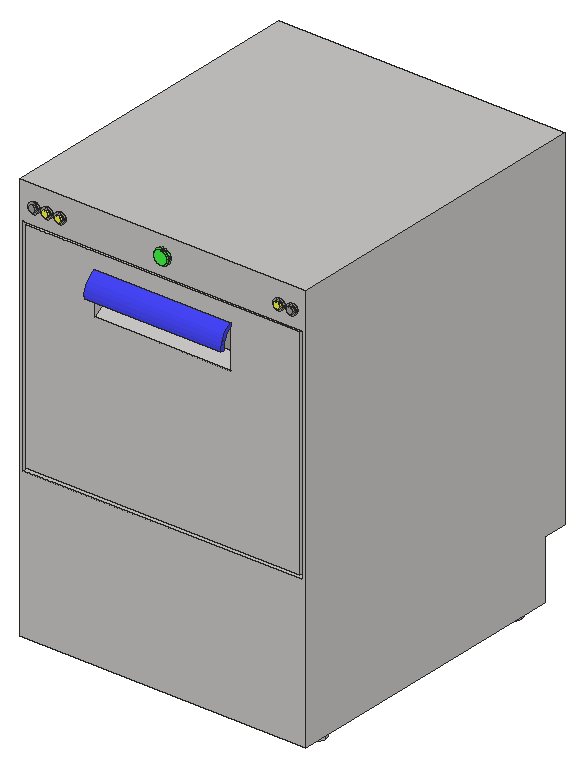
Revit family "QF_ELECTROLUXPROFESSIONAL_402272_EXS", category Specialty Equipment, Revit 2018
Family settings
  Round Connector Dimension = Use Diameter
  Part Type = Normal
  Work Plane-Based = No
  Always vertical = Yes
  Cut with Voids When Loaded = No
  Shared = No
  Room Calculation Point = No
Parameters
  Weight = 33.50 kg
  Watts = 0 W
  Volts = 0 V
  URL Manufacturer = ""
  URL = "http://professional.electrolux.com/"
  Steam Supply Size = 0 mm
  Steam Supply Minimum Pressure = 0.0 Pa
  Steam Supply Maximum Pressure = 0.0 Pa
  Steam Pounds per Hour = 0
  Show Logo [instance] = yes
  Show Clearance [instance] = yes
  Refrigeration Suction Line Size = 0 mm
  Refrigeration Liquid Line Size = 0 mm
  Refrigerant Compressor Remote = yes
  Manufacturer = ""
  Phase = 0
  Model = ""
  Length Actual = 440 mm  # constant formula
  Item Number = ""
  Hot Water Size = 0 mm
  Height Actual = 640 mm  # constant formula
  HP = "3.9 HP"
  Gas Size = 0 mm
  Gas KW = 0
  Gas Input Pressure = 0 W
  Direct Waste Size = 29 mm
  Description = ""
  Depth Actual = 497 mm  # constant formula
  Cycle = 0 Hz
  Condensate Return Size = 0 mm
  Compressed Air Volume = 0.0 L/s
  Compressed Air Size = 0 mm
  Compressed Air Pressure = 0.0 Pa
  Cold Water Size = 0 mm
  Accessory = yes
Types (2, lengths in mm): name | Volts | URL Manufacturer | URL | Manufacturer | Phase | Model | Item Number | Description | Cycle | Cold Water Size
  (no name) | 0 V | "" | "http://professional.electrolux.com/" | "" | 0 | "" | "" | "" | 0 Hz | 0
  Standard | 220 V | "http://professional.electrolux.com" | "http://professional.electrolux.com" | "Electrolux Professional" | 1 | "EXS" | "402272" | "GLASSWASHER(XS), SINGLE SKIN, 30B/H" | 50 Hz | 19.05
Reference planes
  plane 1 "Center (Front/Back)": y = 0
  plane 2: z = 0
  plane 3 "Center (Left/Right)": x = 0
  plane 4 "LEFT": x = -220
  plane 5 "RIGHT": x = 220
  plane 6 "FRONT": y = -248.5
  plane 7 "BACK": y = 248.5
  plane 8: z = 640
  plane 9: z = 10
  plane 10: y = 209.5
Forms (mm)
  Extrusion 1, solid, material "QF_Finishes_Stainless Steel"
    sketch origin (0, 0, 0) x (1, 0, 0) y (0, 1, 0)
      loop
        line (-220, -248.5) -> (220, -248.5) -> (220, 209.5) -> (-220, 209.5) -> (-220, -248.5)
    from 10 to 640
  Extrusion 2, solid, material "QF_Finishes_Stainless Steel"
    sketch origin (0, 0, 0) x (1, 0, 0) y (0, 1, 0)
      loop
        line (-220, 209.5) -> (220, 209.5) -> (220, 248.5) -> (-220, 248.5) -> (-220, 209.5)
    from 100 to 640
  Extrusion 3, solid, material "QF_Finishes_Stainless Steel"
    sketch origin (0, 0, 0) x (1, 0, 0) y (0, 1, 0)
      loop
        circle (-200.5, 174.5) r 12.5
      loop
        circle (200.5, 174.5) r 12.5
      loop
        circle (-200.5, -201.5) r 12.5
      loop
        circle (200.5, -201.5) r 12.5
    from 0 to 10
  Extrusion 4, void
    sketch origin (-220, -248.5, 0) x (-1, 0, 0) y (0, 0, 1)
      loop
        line (-5, 583.217) -> (-435, 583.217) -> (-435, 240) -> (-5, 240) -> (-5, 583.217)
    from 0 to 30
  Extrusion 5, solid, material "QF_Finishes_Stainless Steel"
    sketch origin (-155, -431, 752) x (0, 0, -1) y (1, 0, 0)
      loop
        circle (693, 223) r 10
    from -640.5 to -679.5
  Extrusion 6, solid, material "QF_Door-Drawer Clearances", visible <- "Show Clearance", detail levels coarse
    sketch origin (-230, -282.5, 0) x (0, 1, 0) y (0, 0, -1)
      loop
        line (34, -245) -> (-259, -245)
        arc (-259, -245) -> (-178.223, -469.983) -> (34, -580) r 327.223
        line (34, -580) -> (34, -245)
    from -20 to -440
  Extrusion 7, solid, material "QF_Finishes_Stainless Steel"
    sketch origin (-434.481, -431, 722) x (0, 0, -1) y (1, 0, 0)
      loop
        circle (663, 332.481) r 8
    from -640.5 to -679.5
  Extrusion 8, solid, material "QF_Finishes_Stainless Steel"
    sketch origin (-230, -282.5, 0) x (0, 1, 0) y (0, 0, -1)
      loop
        line (34, -245) -> (34, -580) -> (59, -580) -> (59, -245) -> (34, -245)
    from -19.799 to -440
  Extrusion 9, solid, material "QF_Finishes_Stainless Steel"
    sketch origin (-275, -431, 682.5) x (0, 0, -1) y (1, 0, 0)
      loop
        circle (663, 238) r 8
    from -640.5 to -679.5
  Extrusion 10, solid, material "QF_Finishes_Green"
    sketch origin (-230, -248.5, 0) x (1, 0, 0) y (0, 0, 1)
      loop
        circle (230, 610.819) r 12
      loop
        circle (230, 610.819) r 10
    from 0 to 2.5
  Extrusion 11, void
    sketch origin (-225.452, 209.5, 42.5) x (0, 1, 0) y (0, 0, 1)
      loop
        line (-458, 508.217) -> (-458, 447.5) -> (-436.349, 460) -> (-458, 508.217)
    from 120.452 to 330.452
  Extrusion 12, solid, material "QF_Finishes_Blue"
    sketch origin (-220, 209.5, 0) x (0, -1, 0) y (0, 0, 1)
      loop
        line (458, 555.863) -> (458, 550.513)
        arc (458, 550.513) -> (469.966, 539.801) -> (472.861, 524.005) r 24.803
        line (472.861, 524.005) -> (477.907, 524.005)
        arc (477.907, 524.005) -> (473.605, 543.465) -> (458, 555.863) r 29.803
    from -325 to -115
  Extrusion 13, solid, material "QF_Finishes_Green"
    sketch origin (234, -248.5, -28.75) x (-1, 0, 0) y (0, 0, -1)
      loop
        circle (234, -639.569) r 10
    from 0 to 5
  Extrusion 14, solid, material "QF_Finishes_Gray"
    sketch origin (109.577, -248.5, -30.575) x (-1, 0, 0) y (0, 0, -1)
      loop
        circle (306.936, -638.972) r 5
    from 0 to 5
  Extrusion 15, solid, material "QF_Finishes_Gray"
    sketch origin (-63.82, -248.5, -35.2) x (1, 0, 0) y (0, 0, 1)
      loop
        circle (262.936, 643.347) r 8
      loop
        circle (262.936, 643.347) r 5
      loop
        circle (242.936, 643.347) r 8
      loop
        circle (242.936, 643.347) r 5
    from 0 to 2.5
  Extrusion 16, solid, material "QF_Finishes_Gray"
    sketch origin (-87.82, -248.5, -30.825) x (1, 0, 0) y (0, 0, 1)
      loop
        circle (286.936, 638.972) r 5
    from 0 to 5
  Extrusion 17, solid, material "QF_Finishes_Gray"
    sketch origin (85.577, -248.5, -34.95) x (-1, 0, 0) y (0, 0, -1)
      loop
        circle (262.936, -643.347) r 8
      loop
        circle (262.936, -643.347) r 5
      loop
        circle (242.936, -643.347) r 8
      loop
        circle (242.936, -643.347) r 5
      loop
        circle (282.936, -643.347) r 8
      loop
        circle (282.936, -643.347) r 5
    from 0 to 2.5
  Extrusion 18, solid, material "QF_Finishes_Yellow"
    sketch origin (129.577, -248.5, -30.575) x (-1, 0, 0) y (0, 0, -1)
      loop
        circle (306.936, -638.972) r 5
    from 0 to 5
  Extrusion 19, solid, material "QF_Finishes_Yellow"
    sketch origin (149.577, -248.5, -30.575) x (-1, 0, 0) y (0, 0, -1)
      loop
        circle (306.936, -638.972) r 5
    from 0 to 5
  Extrusion 20, solid, material "QF_Finishes_Yellow"
    sketch origin (486.051, -248.5, -30.825) x (-1, 0, 0) y (0, 0, -1)
      loop
        circle (306.936, -638.972) r 5
    from 0 to 5
Cuts and joins
  Extrusion 4 cuts Extrusion 1
  joined: Extrusion 1, Extrusion 2
  Extrusion 11 cuts Extrusion 8
Lines and regions (mm)
  Split face 1
    outline origin (-220, -248.5, 640) x (0, 0, -1) y (1, 0, 0)
      loop
        line (56.783, 5) -> (56.783, 0)
      loop
        line (56.783, 435) -> (56.783, 440)
      loop
        line (22.034, 440) -> (22.034, 369.297)
        arc (22.034, 369.297) -> (22.64, 366.25) -> (24.366, 363.667) r 7.962
        line (24.366, 363.667) -> (44.289, 343.744)
        arc (44.289, 343.744) -> (46.135, 340.982) -> (46.783, 337.723) r 8.515
        line (46.783, 337.723) -> (46.783, 239.844)
        arc (46.783, 239.844) -> (46.096, 238.186) -> (44.439, 237.5) r 2.344
        line (44.439, 237.5) -> (15.017, 237.5)
        arc (15.017, 237.5) -> (12.73, 236.553) -> (11.783, 234.266) r 3.234
        line (11.783, 234.266) -> (11.783, 220) -> (11.783, 205.734)
        arc (11.783, 205.734) -> (12.73, 203.447) -> (15.017, 202.5) r 3.234
        line (15.017, 202.5) -> (44.439, 202.5)
        arc (44.439, 202.5) -> (46.096, 201.814) -> (46.783, 200.156) r 2.344
        line (46.783, 200.156) -> (46.783, 102.277)
        arc (46.783, 102.277) -> (46.135, 99.018) -> (44.289, 96.256) r 8.515
        line (44.289, 96.256) -> (24.366, 76.333)
        arc (24.366, 76.333) -> (22.64, 73.75) -> (22.034, 70.703) r 7.962
        line (22.034, 70.703) -> (22.034, 0)
  symbolic lines
    curve 1: line (-220, 248.5, 0) -> (220, 248.5, 0)
    curve 2: line (-220, -248.5, 0) -> (-220, 248.5, 0)
    curve 3: line (220, -248.5, 0) -> (-220, -248.5, 0)
    curve 4: line (220, 248.5, 0) -> (220, -248.5, 0)
    curve 8: line (-12, -251, 0) -> (12, -251, 0)
    curve 9: line (12, -251, 0) -> (12, -248.5, 0)
    curve 10: line (-12, -251, 0) -> (-12, -248.5, 0)
    curve 11: line (-10, -253.5, 0) -> (10, -253.5, 0)
    curve 12: line (10, -253.5, 0) -> (10, -251, 0)
    curve 13: line (-10, -253.5, 0) -> (-10, -251, 0)
    curve 16: line (-205.359, -251, 0) -> (-205.359, -248.5, 0)
    curve 17: line (-189.368, -251, 0) -> (-189.368, -248.5, 0)
    curve 18: line (-202.346, -253.5, 0) -> (-192.355, -253.5, 0)
    curve 19: line (-192.355, -253.5, 0) -> (-192.355, -251, 0)
    curve 20: line (-202.346, -253.5, 0) -> (-202.346, -251, 0)
    curve 21: line (-185.355, -251, 0) -> (-169.355, -251, 0)
    curve 22: line (-169.355, -251, 0) -> (-169.355, -248.5, 0)
    curve 23: line (-185.355, -251, 0) -> (-185.355, -248.5, 0)
    curve 24: line (-182.355, -253.5, 0) -> (-172.355, -253.5, 0)
    curve 25: line (-172.355, -253.5, 0) -> (-172.355, -251, 0)
    curve 26: line (-182.355, -253.5, 0) -> (-182.355, -251, 0)
    curve 27: line (-165.355, -251, 0) -> (-149.355, -251, 0)
    curve 28: line (-149.355, -251, 0) -> (-149.355, -248.5, 0)
    curve 29: line (-165.355, -251, 0) -> (-165.355, -248.5, 0)
    curve 30: line (-162.355, -253.5, 0) -> (-152.355, -253.5, 0)
    curve 31: line (-152.355, -253.5, 0) -> (-152.355, -251, 0)
    curve 32: line (-162.355, -253.5, 0) -> (-162.355, -251, 0)
    curve 33: line (171.115, -251, 0) -> (187.115, -251, 0)
    curve 34: line (187.115, -251, 0) -> (187.115, -248.5, 0)
    curve 35: line (174.115, -253.5, 0) -> (184.115, -253.5, 0)
    curve 36: line (184.115, -253.5, 0) -> (184.115, -251, 0)
    curve 37: line (174.115, -253.5, 0) -> (174.115, -251, 0)
    curve 38: line (171.115, -251, 0) -> (171.115, -248.5, 0)
    curve 39: line (191.115, -251, 0) -> (207.115, -251, 0)
    curve 40: line (207.115, -251, 0) -> (207.115, -248.5, 0)
    curve 41: line (194.115, -253.5, 0) -> (204.115, -253.5, 0)
    curve 42: line (204.115, -253.5, 0) -> (204.115, -251, 0)
    curve 43: line (194.115, -253.5, 0) -> (194.115, -251, 0)
    curve 44: line (191.115, -251, 0) -> (191.115, -248.5, 0)
    curve 45: line (-105, -248.5, 0) -> (-105, -268.634, 0)
    curve 46: line (105, -248.5, 0) -> (105, -268.634, 0)
    curve 47: line (105, -268.634, 0) -> (-105, -268.634, 0)
  symbolic lines, style "QF_Door-Drawer Clearances"
    curve 5: line (-210, -541.5, 0) -> (210, -541.5, 0)
    curve 6: line (210, -541.5, 0) -> (210, -248.5, 0)
    curve 7: line (-210, -541.5, 0) -> (-210, -248.5, 0)
  symbolic lines, style "SpecialityEquipmentHiddenLines"
    curve 14: line (-220, 209.5, 0) -> (220, 209.5, 0)
  symbolic lines, style "SpecialityEquipment"
    curve 15: line (-205.359, -251, 0) -> (-189.368, -251, 0)
Dimensions and locks
  equal spacing: plane 4 "LEFT", plane 3 "Center (Left/Right)", plane 5 "RIGHT"
  equal spacing: plane 7 "BACK", plane 1 "Center (Front/Back)", plane 6 "FRONT"
  plane 7 "BACK" to plane 6 "FRONT" = 497 mm
  plane 4 "LEFT" to plane 5 "RIGHT" = 440 mm
  locked: plane 9 to level at 10
  plane 4 "LEFT" to plane 3 "Center (Left/Right)" = 220 mm
  plane 8 to level = 640 mm  (x2)
  level to Extrusion 9 sketch curve = 19.5 mm
  Extrusion 9 sketch curve to plane 4 "LEFT" = 183 mm
  level to Extrusion 5 sketch curve = 59 mm
  Extrusion 5 sketch curve to plane 4 "LEFT" = 288 mm
  Extrusion 7 sketch curve to plane 4 "LEFT" = 118 mm
  level to Extrusion 7 sketch curve = 59 mm
  Extrusion 3 to cut or joined group of Extrusion 1, Extrusion 2, Extrusion 4 = 74 mm
  Extrusion 3 to Extrusion 3 = 376 mm
  plane 6 "FRONT" to Extrusion 3 = 47 mm
  plane 1 "Center (Front/Back)" to plane 6 "FRONT" = 248.5 mm
  locked: plane 7 "BACK" to plane 10 at 39
  plane 6 "FRONT" to curve 5 = 293 mm
  Extrusion 8 to cut or joined group of Extrusion 1, Extrusion 2, Extrusion 4 = 340 mm
  aligned and locked: level to plane 2
  aligned and locked: Extrusion 1 sketch curve to plane 6 "FRONT"
  aligned and locked: Extrusion 1 sketch curve to plane 4 "LEFT"
  aligned and locked: plane 5 "RIGHT" to Extrusion 1 sketch curve
  aligned and locked: Extrusion 1 to plane 9
  aligned and locked: Extrusion 2 sketch curve to Extrusion 1
  aligned and locked: plane 7 "BACK" to Extrusion 2 sketch curve
  aligned and locked: plane 5 "RIGHT" to Extrusion 2 sketch curve
  aligned and locked: plane 9 to Extrusion 3
  aligned and locked: cut or joined group of Extrusion 1, Extrusion 2, Extrusion 4 to plane 10
Automatic sketch dimensions
  Extrusion 11 sketch curve to plane 6 "FRONT" = 0 mm
  plane 6 "FRONT" to Extrusion 11 sketch curve = 21.651 mm
  Extrusion 11 sketch curve to plane 8 = 150 mm
  Extrusion 11 sketch curve to Extrusion 11 sketch curve = 12.5 mm
  Extrusion 11 sketch curve to Extrusion 11 sketch curve = 48.217 mm
  Extrusion 13 sketch curve to Extrusion 13 sketch curve = 0 mm  (x2)
  Extrusion 13 sketch curve to plane 3 "Center (Left/Right)" = 0 mm
  Extrusion 13 sketch curve to plane 8 = 29.181 mm
  plane 3 "Center (Left/Right)" to Extrusion 13 sketch curve = 10 mm
  Extrusion 14 sketch curve to Extrusion 14 sketch curve = 0 mm  (x2)
  Extrusion 14 sketch curve to plane 8 = 31.603 mm
  Extrusion 14 sketch curve to plane 3 "Center (Left/Right)" = 197.359 mm
  Extrusion 14 sketch curve to Extrusion 14 sketch curve = 5 mm
  Extrusion 15 sketch curve to Extrusion 15 sketch curve = 0 mm  (x5)
  plane 3 "Center (Left/Right)" to Extrusion 15 sketch curve = 179.115 mm
  Extrusion 15 sketch curve to Extrusion 15 sketch curve = 20 mm
  Extrusion 15 sketch curve to plane 8 = 31.853 mm
  Extrusion 16 sketch curve to plane 8 = 31.853 mm
  plane 3 "Center (Left/Right)" to Extrusion 16 sketch curve = 199.115 mm
  Extrusion 16 sketch curve to Extrusion 16 sketch curve = 5 mm
  Extrusion 17 sketch curve to Extrusion 17 sketch curve = 0 mm  (x8)
  Extrusion 17 sketch curve to plane 3 "Center (Left/Right)" = 157.359 mm
  Extrusion 17 sketch curve to Extrusion 17 sketch curve = 20 mm  (x2)
  Extrusion 17 sketch curve to plane 8 = 31.603 mm
  Extrusion 18 sketch curve to Extrusion 18 sketch curve = 0 mm  (x2)
  Extrusion 18 sketch curve to plane 8 = 31.603 mm
  Extrusion 18 sketch curve to plane 3 "Center (Left/Right)" = 177.359 mm
  Extrusion 18 sketch curve to Extrusion 18 sketch curve = 5 mm
  Extrusion 19 sketch curve to Extrusion 19 sketch curve = 0 mm  (x2)
  Extrusion 19 sketch curve to plane 3 "Center (Left/Right)" = 157.359 mm
  Extrusion 19 sketch curve to plane 8 = 31.603 mm
  Extrusion 19 sketch curve to Extrusion 19 sketch curve = 5 mm
  Extrusion 20 sketch curve to Extrusion 20 sketch curve = 0 mm  (x2)
  plane 3 "Center (Left/Right)" to Extrusion 20 sketch curve = 179.115 mm
  Extrusion 20 sketch curve to plane 8 = 31.853 mm
  Extrusion 20 sketch curve to Extrusion 20 sketch curve = 5 mm
  Extrusion 6 sketch curve to plane 6 "FRONT" = 0 mm
  Extrusion 6 sketch curve to plane 6 "FRONT" = 293 mm
  plane 6 "FRONT" to Extrusion 6 sketch curve = 34.083 mm
  Extrusion 6 sketch curve to plane 8 = 60 mm
  level to Extrusion 6 sketch curve = 254.557 mm
  Extrusion 1 sketch curve to plane 10 = 0 mm
  Extrusion 2 sketch curve to plane 10 = 0 mm
  plane 4 "LEFT" to Extrusion 3 sketch curve = 19.5 mm  (x2)
  Extrusion 3 sketch curve to plane 5 "RIGHT" = 19.5 mm  (x2)
  plane 6 "FRONT" to Extrusion 3 sketch curve = 47 mm  (x2)
  Extrusion 3 sketch curve to plane 10 = 35 mm  (x2)
  Extrusion 4 sketch curve to Extrusion 1 = 5 mm  (x2)
  Extrusion 4 sketch curve to Extrusion 1 = 230 mm
  Extrusion 4 sketch curve to Extrusion 1 = 56.783 mm
  Extrusion 8 sketch curve to plane 6 "FRONT" = 0 mm
  Extrusion 8 sketch curve to Extrusion 8 sketch curve = 25 mm
  Extrusion 8 sketch curve to plane 8 = 60 mm
  plane 9 to Extrusion 8 sketch curve = 235 mm
  Extrusion 10 sketch curve to Extrusion 10 sketch curve = 0 mm  (x2)
  Extrusion 1 to Extrusion 10 sketch curve = 29.181 mm
  Extrusion 1 to Extrusion 10 sketch curve = 220 mm
  Extrusion 12 sketch curve to Extrusion 12 sketch curve = 0 mm  (x2)
  Extrusion 12 sketch curve to Extrusion 1 = 0 mm
  Extrusion 12 sketch curve to Extrusion 1 = 9.669 mm
  Extrusion 1 to Extrusion 12 sketch curve = 14.861 mm
  Extrusion 12 sketch curve to Extrusion 12 sketch curve = 5.046 mm
  Extrusion 1 to Extrusion 12 sketch curve = 115.995 mm
  Extrusion 12 sketch curve to Extrusion 12 sketch curve = 3.668 mm
  cut or joined group of Extrusion 1, Extrusion 2, Extrusion 4 to Split face 1 sketch curve = 0 mm  (x2)
  Split face 1 sketch curve to cut or joined group of Extrusion 1, Extrusion 2, Extrusion 4 = 0 mm  (x6)
  cut or joined group of Extrusion 1, Extrusion 2, Extrusion 4 to Split face 1 sketch curve = 10 mm  (x2)
  Split face 1 sketch curve to Split face 1 sketch curve = 2.344 mm  (x2)
  Split face 1 sketch curve to Split face 1 sketch curve = 2.494 mm  (x2)
  Split face 1 sketch curve to Split face 1 sketch curve = 8.515 mm  (x2)
  cut or joined group of Extrusion 1, Extrusion 2, Extrusion 4 to Split face 1 sketch curve = 26.786 mm  (x2)
  Split face 1 sketch curve to Split face 1 sketch curve = 5.63 mm  (x2)
  Split face 1 sketch curve to Split face 1 sketch curve = 2.332 mm  (x2)
  Split face 1 sketch curve to cut or joined group of Extrusion 1, Extrusion 2, Extrusion 4 = 15.017 mm  (x2)
  Split face 1 sketch curve to cut or joined group of Extrusion 1, Extrusion 2, Extrusion 4 = 11.783 mm
  Split face 1 sketch curve to cut or joined group of Extrusion 1, Extrusion 2, Extrusion 4 = 65.703 mm
  Split face 1 sketch curve to Split face 1 sketch curve = 19.923 mm  (x2)
  Split face 1 sketch curve to Split face 1 sketch curve = 97.879 mm
  Split face 1 sketch curve to Split face 1 sketch curve = 14.266 mm  (x2)
  Split face 1 sketch curve to cut or joined group of Extrusion 1, Extrusion 2, Extrusion 4 = 97.277 mm
  curve 1 to plane 4 "LEFT" = 0 mm
  curve 7 to plane 6 "FRONT" = 0 mm
  curve 3 to plane 5 "RIGHT" = 0 mm
  curve 14 to plane 10 = 0 mm
  curve 2 to plane 7 "BACK" = 0 mm
  plane 4 "LEFT" to curve 5 = 10 mm
  curve 15 to plane 6 "FRONT" = 2.5 mm
  curve 7 to curve 15 = 4.641 mm
  curve 15 to curve 20 = 3.013 mm
  curve 18 to curve 18 = 9.991 mm
  curve 19 to curve 15 = 2.987 mm
  curve 15 to curve 21 = 4.013 mm
  curve 21 to curve 26 = 3 mm
  curve 24 to plane 6 "FRONT" = 5 mm
  curve 24 to curve 24 = 10 mm
  curve 25 to curve 22 = 3 mm
  curve 21 to curve 29 = 4 mm
  curve 27 to curve 32 = 3 mm
  curve 31 to plane 6 "FRONT" = 5 mm
  curve 30 to curve 31 = 10 mm
  curve 31 to curve 27 = 3 mm
  curve 8 to plane 6 "FRONT" = 2.5 mm
  curve 8 to plane 3 "Center (Left/Right)" = 12 mm
  curve 8 to curve 11 = 2 mm
  plane 3 "Center (Left/Right)" to curve 12 = 10 mm
  curve 12 to curve 9 = 2 mm
  curve 33 to plane 6 "FRONT" = 2.5 mm
  curve 33 to plane 5 "RIGHT" = 48.885 mm
  curve 33 to curve 37 = 3 mm
  curve 35 to plane 6 "FRONT" = 5 mm
  curve 35 to curve 35 = 10 mm
  curve 36 to curve 34 = 3 mm
  curve 33 to curve 39 = 4 mm
  curve 39 to curve 43 = 3 mm
  curve 42 to plane 6 "FRONT" = 5 mm
  curve 41 to curve 42 = 10 mm
  curve 42 to curve 39 = 3 mm
  curve 6 to plane 5 "RIGHT" = 10 mm
  curve 11 to curve 13 = 2.5 mm
  curve 20 to curve 20 = 2.5 mm
  curve 44 to plane 6 "FRONT" = 2.5 mm
  curve 21 to plane 6 "FRONT" = 2.5 mm
  curve 27 to plane 6 "FRONT" = 2.5 mm
  curve 27 to curve 45 = 44.355 mm
  curve 46 to plane 6 "FRONT" = 20.134 mm
  curve 46 to curve 33 = 66.115 mm
  radius of Extrusion 5 sketch curve = 10 mm
  radius of Extrusion 7 sketch curve = 8 mm
  radius of Extrusion 9 sketch curve = 8 mm
  radius of Extrusion 15 sketch curve = 8 mm  (x2)
  radius of Extrusion 15 sketch curve = 5 mm  (x2)
  radius of Extrusion 17 sketch curve = 8 mm  (x3)
  radius of Extrusion 17 sketch curve = 5 mm  (x3)
  radius of Extrusion 3 sketch curve = 12.5 mm  (x4)
  radius of Extrusion 10 sketch curve = 12 mm
  radius of Extrusion 10 sketch curve = 10 mm
Connectors
  piping at (68, 248.5, 59), diameter 20
    settings: on Extrusion 5, index 1, connector inside diameter 609.6 mm, connector length 0 mm, flow factor 0, pipe flow 0.0 L/s, pressure drop 0.0 Pa, fitting loss kfactor 0, connector angle 0.00°, fixture units 0, engagement length 0 mm, angle of deflection 0.00°, flow configuration 1, flow direction 1, fitting loss method 0, system type 16, joint type 0, gender type 0, connector reference index -1, connector utility 0, adjustable connector no, is connector primary yes, connector description "Drain"
  piping at (-102, 248.5, 59), driven by "Cold Water Size"
    settings: on Extrusion 7, index 3, connector diameter 0 mm, connector inside diameter 609.6 mm, connector length 0 mm, flow factor 0, pipe flow 0.0 L/s, pressure drop 0.0 Pa, fitting loss kfactor 0, connector angle 0.00°, fixture units 0, engagement length 0 mm, angle of deflection 0.00°, flow configuration 1, flow direction 1, fitting loss method 0, system type 20, joint type 0, gender type 0, connector reference index -1, connector utility 0, adjustable connector no, is connector primary no, connector description "Cold Water Inlet"
  electrical at (-37, 248.5, 19.5), driven by "Volts"
    settings: on Extrusion 9, index 4, voltage 0 V, apparent load 0 VA, apparent load phase1 0 VA, apparent load phase2 0 VA, apparent load phase3 0 VA, power factor 1, load classification "Altro", number of poles 1, system type 31, power factor state 1, is connector primary yes, connector utility no, sub classification motor no, connector description "Electrical Connection"
